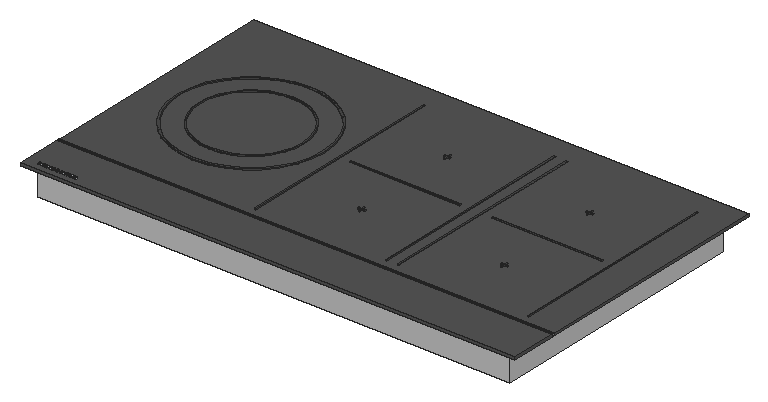
Revit family "FP_Revit_18_CI905DTB3_Cooktop_90000854A", category Specialty Equipment, Revit 2018
Family settings
  Round Connector Dimension = Use Diameter
  Part Type = Normal
  OmniClass Number = 23.40.40.14.17.11
  OmniClass Title = Cookers, Ovens, Stoves
  Work Plane-Based = No
  Always vertical = Yes
  Cut with Voids When Loaded = Yes
  Shared = No
  Room Calculation Point = No
Parameters
  Visibility - Clearance Required = yes
  URL = "www.fisherpaykel.com"
  Product - Width = 899 mm  # constant formula
  Product - Height = 54 mm  # constant formula
  Product - Depth = 530 mm  # constant formula
  Model = "CI905DTB3"
  Material - Trim = Fisher & Paykel - Steel, Chrome Plated
  Material - Graphics = Fisher & Paykel - Black, Matte
  Material - Cooktop = Fisher & Paykel - Glass, Black
  Material - Body = Fisher & Paykel - Grey
  Manufacturer = "Fisher & Paykel Appliances"
  FFL Offset [instance] = 900 mm
  Description = "90cm Induction Cooktop"
  Connector Note - Electrical = "220-240 V, 48 A, 50 Hz,"
  Clearance - Side Combustible = 25 mm  # constant formula
  Clearance - Rear Combustible = 30 mm  # constant formula
  Clearance - Overhead Rangehood = 650 mm  # constant formula
  Clearance - Below = 65 mm  # constant formula
  Chassis - Width = 858 mm  # constant formula
  Chassis - Height = 49 mm  # constant formula
  Chassis - Depth = 484 mm  # constant formula
  Cavity - Width = 870 mm  # constant formula
  Cavity - Height = 65 mm  # constant formula
  Cavity - Depth = 494 mm  # constant formula
Reference planes
  plane 1 "Datum": y = 0
  plane 2: z = 0
  plane 3 "Center (Left/Right)": x = 0
  plane 4 "Product LHS": x = -449.5
  plane 5 "Product RHS": x = 449.5
  plane 6 "Product - Depth": y = 530
  plane 7 "Cavity LHS": x = -435
  plane 8 "Cavity RHS": x = 435
  plane 9 "Cavity - Depth": y = 501.2
  plane 10 "Chassis Front": y = 13.2
  plane 11 "Chassis - Depth": y = 497.2
  plane 12 "Cavity - Front": y = 7.2
  plane 13 "Basepan": z = 851
  plane 14 "Benchtop": z = 900
  plane 15 "Glass": z = 905
Forms (mm)
  Extrusion 1, solid, material "Fisher & Paykel - Glass, Black" <- "Material - Cooktop"
    sketch origin (0, 0, 0) x (0, 1, 0) y (0, 0, 1)
      loop
        line (0, 905) -> (0, 901) -> (85, 901) -> (85, 905) -> (0, 905)
      loop
        line (530, 905) -> (88, 905) -> (88, 901) -> (530, 901) -> (530, 905)
    from -449.5 to 449.5
  Extrusion 2, solid, material "Fisher & Paykel - Clearance Required (Cutout)", visible <- "Visibility - Clearance Required", detail levels coarse
    sketch origin (0, 24.768, 0) x (1, 0, 0) y (0, 1, 0)
      loop
        line (-435, 476.432) -> (-435, -17.568) -> (435, -17.568) -> (435, 476.432) -> (-435, 476.432)
    from 835 to 900
  Extrusion 3, solid, material "Fisher & Paykel - Clearance Required (Rangehood)", detail levels coarse
    sketch origin (0, 0, 0) x (1, 0, 0) y (0, 1, 0)
      loop
        line (-460, 0) -> (460, 0) -> (460, 531.2) -> (-460, 531.2) -> (-460, 0)
    from 905 to 1555
  Extrusion 4, solid, material "Fisher & Paykel - Grey" <- "Material - Body"
    sketch origin (0, 0, 0) x (0, 1, 0) y (0, 0, 1)
      loop
        line (497.2, 851) -> (497.2, 900) -> (13.2, 900) -> (13.2, 851) -> (497.2, 851)
    from -429 to 429
  Extrusion 5, solid, material "Fisher & Paykel - Grey" <- "Material - Body"
    sketch origin (-151, 0, 0) x (1, 0, 0) y (0, 1, 0)
      loop
        line (-287, 520.2) -> (-287, 8.39) -> (589, 8.39) -> (589, 520.2) -> (-287, 520.2)
    from 900 to 901
  Extrusion 6, solid, material "Fisher & Paykel - Black, Matte" <- "Material - Graphics", detail levels fine
    sketch origin (0, 0, 0) x (1, 0, 0) y (0, 1, 0)
      loop
        line (-106.987, 487.735) -> (-106.987, 104.59) -> (-104.787, 104.59) -> (-104.787, 487.735) -> (-106.987, 487.735)
      loop
        line (-86.192, 296.263) -> (-86.192, 294.063) -> (113.808, 294.063) -> (113.808, 296.263) -> (-86.192, 296.263)
      loop
        line (172.974, 296.263) -> (172.974, 294.063) -> (372.474, 294.063) -> (372.474, 296.263) -> (172.974, 296.263)
      loop
        line (130.504, 487.735) -> (130.504, 104.59) -> (132.704, 104.59) -> (132.704, 487.735) -> (130.504, 487.735)
      loop
        line (152.18, 487.735) -> (152.18, 104.59) -> (154.379, 104.59) -> (154.379, 487.735) -> (152.18, 487.735)
      loop
        line (389.17, 487.735) -> (389.17, 104.59) -> (391.37, 104.59) -> (391.37, 487.735) -> (389.17, 487.735)
      loop
        circle (-265.54, 294.663) r 133.923
      loop
        circle (-265.54, 294.663) r 130.923
      loop
        circle (-265.54, 294.663) r 95
      loop
        circle (-265.54, 294.663) r 92.858
      loop
        line (11.782, 398.2) -> (11.782, 393.034) -> (6.616, 393.034) -> (6.616, 391.066) -> (11.782, 391.066) -> (11.782, 385.899) -> (13.75, 385.899) -> (13.75, 391.066) -> (18.916, 391.066) -> (18.916, 393.034) -> (13.75, 393.034) -> (13.75, 398.2) -> (11.782, 398.2)
      loop
        line (11.782, 204.31) -> (11.782, 199.144) -> (6.616, 199.144) -> (6.616, 197.176) -> (11.782, 197.176) -> (11.782, 192.009) -> (13.75, 192.009) -> (13.75, 197.176) -> (18.916, 197.176) -> (18.916, 199.144) -> (13.75, 199.144) -> (13.75, 204.31) -> (11.782, 204.31)
      loop
        line (270.877, 204.31) -> (270.877, 199.144) -> (265.711, 199.144) -> (265.711, 197.176) -> (270.877, 197.176) -> (270.877, 192.009) -> (272.845, 192.009) -> (272.845, 197.176) -> (278.011, 197.176) -> (278.011, 199.144) -> (272.845, 199.144) -> (272.845, 204.31) -> (270.877, 204.31)
      loop
        line (270.877, 398.2) -> (270.877, 393.034) -> (265.711, 393.034) -> (265.711, 391.066) -> (270.877, 391.066) -> (270.877, 385.899) -> (272.845, 385.899) -> (272.845, 391.066) -> (278.011, 391.066) -> (278.011, 393.034) -> (272.845, 393.034) -> (272.845, 398.2) -> (270.877, 398.2)
    from 905 to 906
  Extrusion 7, solid, material "Fisher & Paykel - Grey" <- "Material - Body", detail levels fine
    sketch origin (0, 0, 0) x (1, 0, 0) y (0, 1, 0)
      loop
        circle (0, 477.2) r 5
    from 845 to 851
  Extrusion 8, void
    sketch origin (0, 24.768, 0) x (1, 0, 0) y (0, 1, 0)
      loop
        line (-435, 476.432) -> (-435, -17.568) -> (435, -17.568) -> (435, 476.432) -> (-435, 476.432)
    from 835 to 900
  Extrusion 9, solid, material "Fisher & Paykel - Steel, Chrome Plated" <- "Material - Trim", detail levels medium+fine
    sketch origin (0, 0, 0) x (0, 1, 0) y (0, 0, 1)
      loop
        line (85, 901) -> (88, 901) -> (88, 906) -> (85, 906) -> (85, 901)
    from -449.5 to 449.5
Text (mm)
  text "Due to ongoing product development, product details are subject to change without notice. \nPlease always refer to www.fisherpaykel.com for the most current product information. \n© Fisher & Paykel 2020" at (41.04, -102.478, 0), in view "Ref. Level (Plan)"
Dimensions and locks
  equal spacing: plane 4 "Product LHS", plane 3 "Center (Left/Right)", plane 5 "Product RHS"
  "Product - Width": plane 4 "Product LHS" to plane 5 "Product RHS"
  equal spacing: plane 7 "Cavity LHS", plane 3 "Center (Left/Right)", plane 8 "Cavity RHS"
  "Cavity - Width": plane 7 "Cavity LHS" to plane 8 "Cavity RHS"
  "Product - Depth": Extrusion 1 to plane 1 "Datum"
  equal spacing: Extrusion 4, plane 3 "Center (Left/Right)", Extrusion 4
  "Chassis - Width": Extrusion 4 to Extrusion 4
  equal spacing: Extrusion 5, plane 3 "Center (Left/Right)", Extrusion 5
  locked: plane 1 "Datum" to plane 10 "Chassis Front" at 13.2
  plane 10 "Chassis Front" to plane 12 "Cavity - Front" = 6 mm
  "Cavity - Depth": plane 9 "Cavity - Depth" to plane 12 "Cavity - Front"
  "Chassis - Depth": plane 11 "Chassis - Depth" to plane 10 "Chassis Front"
  locked: plane 15 "Glass" to plane 14 "Benchtop" at 5
  "Chassis - Height": plane 14 "Benchtop" to plane 13 "Basepan"
  "FFL Offset": plane 14 "Benchtop" to level
  "Clearance - Below": plane 14 "Benchtop" to Extrusion 2
  locked: plane 15 "Glass" to Extrusion 1 sketch curve at 4
  locked: nested 1 to plane 15 "Glass" at 0.8
  locked: Extrusion 6 to plane 15 "Glass" at 1
  locked: Extrusion 7 to plane 14 "Benchtop" at 55
  "Clearance - Side Combustible": Extrusion 3 to plane 7 "Cavity LHS"
  "Clearance - Side Combustible": plane 8 "Cavity RHS" to Extrusion 3
  "Clearance - Rear Combustible": Extrusion 3 to plane 9 "Cavity - Depth"
  "Clearance - Overhead Rangehood": Extrusion 3 to plane 15 "Glass"
  locked: Extrusion 9 sketch curve to plane 15 "Glass" at 1
  aligned and locked: level to plane 2
  aligned and locked: Extrusion 1 to plane 5 "Product RHS"
  aligned and locked: plane 4 "Product LHS" to Extrusion 1
  aligned and locked: plane 9 "Cavity - Depth" to Extrusion 2
  aligned and locked: plane 11 "Chassis - Depth" to Extrusion 4
  aligned and locked: Extrusion 4 to Extrusion 5
  aligned and locked: Extrusion 7 to Extrusion 4
  aligned and locked: Extrusion 3 to plane 15 "Glass"
  aligned and locked: plane 14 "Benchtop" to Extrusion 2
  aligned and locked: Extrusion 1 sketch curve to plane 15 "Glass"
  aligned and locked: Extrusion 5 to Extrusion 2
  aligned and locked: Extrusion 4 to plane 13 "Basepan"
  aligned and locked: Extrusion 1 to Extrusion 6
  aligned and locked: Extrusion 8 to Extrusion 2  (x2)
  aligned and locked: Extrusion 3 to Extrusion 1
  aligned and locked: Extrusion 1 sketch curve to Extrusion 1 sketch curve
  aligned and locked: Extrusion 5 to Extrusion 1
Automatic sketch dimensions
  Extrusion 2 sketch curve to plane 12 "Cavity - Front" = 0 mm
  plane 9 "Cavity - Depth" to Extrusion 2 sketch curve = 0 mm
  plane 7 "Cavity LHS" to Extrusion 2 sketch curve = 0 mm
  Extrusion 2 sketch curve to plane 8 "Cavity RHS" = 0 mm
  plane 1 "Datum" to Extrusion 3 sketch curve = 0 mm
  plane 6 "Product - Depth" to Extrusion 3 sketch curve = 1.2 mm
  plane 4 "Product LHS" to Extrusion 3 sketch curve = 10.5 mm
  Extrusion 3 sketch curve to plane 5 "Product RHS" = 10.5 mm
  Extrusion 4 sketch curve to plane 10 "Chassis Front" = 0 mm
  Extrusion 4 sketch curve to plane 11 "Chassis - Depth" = 0 mm
  Extrusion 4 sketch curve to plane 13 "Basepan" = 0 mm
  Extrusion 4 sketch curve to plane 14 "Benchtop" = 0 mm
  plane 12 "Cavity - Front" to Extrusion 5 sketch curve = 1.189 mm
  plane 7 "Cavity LHS" to Extrusion 5 sketch curve = 3 mm
  Extrusion 5 sketch curve to plane 8 "Cavity RHS" = 3 mm
  Extrusion 5 sketch curve to plane 6 "Product - Depth" = 9.8 mm
  Extrusion 6 sketch curve to Extrusion 6 sketch curve = 0 mm  (x25)
  Extrusion 6 sketch curve to plane 7 "Cavity LHS" = 169.46 mm
  Extrusion 6 sketch curve to plane 3 "Center (Left/Right)" = 106.987 mm
  Extrusion 6 sketch curve to Extrusion 6 sketch curve = 2.2 mm  (x6)
  Extrusion 6 sketch curve to plane 3 "Center (Left/Right)" = 86.192 mm
  plane 3 "Center (Left/Right)" to Extrusion 6 sketch curve = 6.616 mm  (x2)
  Extrusion 6 sketch curve to Extrusion 6 sketch curve = 5.166 mm  (x16)
  Extrusion 6 sketch curve to Extrusion 6 sketch curve = 1.968 mm  (x12)
  plane 3 "Center (Left/Right)" to Extrusion 6 sketch curve = 113.808 mm
  Extrusion 6 sketch curve to plane 11 "Chassis - Depth" = 9.465 mm  (x4)
  plane 3 "Center (Left/Right)" to Extrusion 6 sketch curve = 130.504 mm
  Extrusion 6 sketch curve to Extrusion 6 sketch curve = 19.475 mm
  Extrusion 6 sketch curve to Extrusion 6 sketch curve = 59.166 mm
  Extrusion 6 sketch curve to Extrusion 6 sketch curve = 92.737 mm  (x2)
  plane 8 "Cavity RHS" to Extrusion 6 sketch curve = 62.526 mm
  plane 8 "Cavity RHS" to Extrusion 6 sketch curve = 45.83 mm
  Extrusion 6 sketch curve to plane 11 "Chassis - Depth" = 99 mm  (x2)
  Extrusion 6 sketch curve to Extrusion 6 sketch curve = 94.803 mm  (x2)
  Extrusion 6 sketch curve to Extrusion 6 sketch curve = 1.6 mm
  Extrusion 6 sketch curve to Extrusion 6 sketch curve = 89.753 mm  (x2)
  plane 10 "Chassis Front" to Extrusion 6 sketch curve = 91.39 mm  (x3)
  Extrusion 7 sketch curve to plane 3 "Center (Left/Right)" = 0 mm
  Extrusion 7 sketch curve to plane 11 "Chassis - Depth" = 20 mm
  Extrusion 8 sketch curve to plane 12 "Cavity - Front" = 0 mm
  plane 9 "Cavity - Depth" to Extrusion 8 sketch curve = 0 mm
  plane 7 "Cavity LHS" to Extrusion 8 sketch curve = 0 mm
  Extrusion 8 sketch curve to plane 8 "Cavity RHS" = 0 mm
  plane 10 "Chassis Front" to Extrusion 9 sketch curve = 71.8 mm
  Extrusion 9 sketch curve to Extrusion 9 sketch curve = 3 mm
  plane 14 "Benchtop" to Extrusion 9 sketch curve = 1 mm
  Extrusion 1 sketch curve to plane 1 "Datum" = 0 mm
  Extrusion 1 sketch curve to plane 15 "Glass" = 0 mm
  Extrusion 1 sketch curve to plane 6 "Product - Depth" = 0 mm
  plane 10 "Chassis Front" to Extrusion 1 sketch curve = 71.8 mm
  Extrusion 1 sketch curve to Extrusion 1 sketch curve = 3 mm
  radius of Extrusion 6 sketch curve = 133.923 mm
  radius of Extrusion 6 sketch curve = 130.923 mm
  radius of Extrusion 6 sketch curve = 95 mm
  radius of Extrusion 6 sketch curve = 92.858 mm
  radius of Extrusion 7 sketch curve = 5 mm
Nested families
  nested 1: "F&P Logo 70mm Horizontal" at (-394.001, 14.253, 905), type "F&P Logo 70mm Horizontal"
Connectors
  electrical at (0, 477.2, 845), driven by "Connector Note - Electrical"
    settings: on Extrusion 7, index 1, voltage 230 V, apparent load 0 VA, apparent load phase1 0 VA, apparent load phase2 0 VA, apparent load phase3 0 VA, power factor 1, load classification "Other", number of poles 1, system type 30, power factor state 1, is connector primary yes, connector utility no, sub classification motor no, connector description "220-240 V, 48 A, 50 Hz,"
Definition of nested family "F&P Logo 70mm Horizontal"
  Parameters (values of type "F&P Logo 70mm Horizontal")
    URL = "www.fisherpaykel.com"
    Material - Logo = none
    Manufacturer = "Fisher & Paykel Appliances"
  Reference planes
    plane 1 "Center (Front/Back)": y = 0
    plane 2: z = 0
    plane 3 "Center (Left/Right)": x = 0
  Forms (mm)
    Extrusion 1, solid, material <- "Material - Logo", detail levels fine
      sketch origin (0, 0, 0) x (1, 0, 0) y (0, 1, 0)
        loop
          line (-34.997, -0.356) -> (-33.895, -0.356) -> (-33.895, 1.141) -> (-32.174, 1.141) -> (-32.174, 2.075) -> (-33.895, 2.075) -> (-33.895, 2.943) -> (-32.023, 2.943) -> (-32.023, 3.872) -> (-34.997, 3.872) -> (-34.997, -0.356)
        loop
          line (-29.929, 3.872) -> (-29.929, -0.356) -> (-28.828, -0.356) -> (-28.828, 3.872) -> (-29.929, 3.872)
        loop
          line (-21.473, 3.872) -> (-21.473, -0.356) -> (-20.372, -0.356) -> (-20.372, 1.338) -> (-18.754, 1.338) -> (-18.754, -0.356) -> (-17.652, -0.356) -> (-17.652, 3.872) -> (-18.754, 3.872) -> (-18.754, 2.268) -> (-20.372, 2.268) -> (-20.372, 3.872) -> (-21.473, 3.872)
        loop
          line (-15.301, 3.872) -> (-15.301, -0.356) -> (-12.288, -0.356) -> (-12.288, 0.444) -> (-14.209, 0.444) -> (-14.209, 1.338) -> (-12.453, 1.338) -> (-12.453, 2.268) -> (-14.209, 2.268) -> (-14.209, 3.072) -> (-12.288, 3.072) -> (-12.288, 3.872) -> (-15.301, 3.872)
        loop
          line (32, 3.872) -> (32, -0.356) -> (35.003, -0.356) -> (35.003, 0.574) -> (33.102, 0.574) -> (33.102, 3.872) -> (32, 3.872)
        loop
          line (29.735, 3.872) -> (26.712, 3.872) -> (26.712, -0.356) -> (29.735, -0.356) -> (29.735, 0.444) -> (27.814, 0.444) -> (27.814, 1.338) -> (29.57, 1.338) -> (29.57, 2.268) -> (27.814, 2.268) -> (27.814, 3.072) -> (29.735, 3.072) -> (29.735, 3.872)
        loop
          line (23.449, 1.848) -> (25.012, 3.872) -> (23.724, 3.872) -> (22.374, 2.124) -> (22.374, 3.872) -> (21.273, 3.872) -> (21.273, -0.356) -> (22.374, -0.356) -> (22.374, 1.538) -> (23.765, -0.356) -> (25.067, -0.356) -> (23.449, 1.848)
        loop
          line (15.42, 3.872) -> (17.017, 1.338) -> (17.017, -0.356) -> (18.119, -0.356) -> (18.119, 1.283) -> (19.717, 3.872) -> (18.546, 3.872) -> (17.603, 2.239) -> (16.66, 3.872) -> (15.42, 3.872)
        loop
          line (12.969, 3.872) -> (11.922, 3.872) -> (10.2, -0.356) -> (11.282, -0.356) -> (11.585, 0.422) -> (13.278, 0.422) -> (13.581, -0.356) -> (14.69, -0.356) -> (12.969, 3.872)
        loop
          line (12.913, 1.352) -> (12.419, 2.566) -> (11.946, 1.352) -> (12.913, 1.352)
        loop
          line (5.556, 3.872) -> (5.556, -0.356) -> (6.653, -0.356) -> (6.653, 1.001) -> (7.453, 1.001)
          spline (7.453, 1.001) -> (7.884, 1.05) -> (8.285, 1.193) -> (8.63, 1.421) -> (8.895, 1.719) -> (9.061, 2.065) -> (9.118, 2.436) -> (9.061, 2.808) -> (8.895, 3.154) -> (8.63, 3.452) -> (8.285, 3.68) -> (7.884, 3.823) -> (7.453, 3.872)
          line (7.453, 3.872) -> (5.556, 3.872)
        loop
          spline (7.385, 1.882) -> (7.558, 1.9) -> (7.72, 1.953) -> (7.858, 2.037) -> (7.965, 2.147) -> (8.032, 2.275) -> (8.055, 2.412) -> (8.032, 2.55) -> (7.965, 2.677) -> (7.858, 2.787) -> (7.72, 2.872) -> (7.558, 2.924) -> (7.385, 2.943)
          line (7.385, 2.943) -> (6.585, 2.943) -> (6.585, 1.882) -> (7.385, 1.882)
        loop
          line (-8.294, 2.943) -> (-9.094, 2.943) -> (-9.094, 1.781) -> (-8.294, 1.781)
          spline (-8.294, 1.781) -> (-8.121, 1.801) -> (-7.96, 1.859) -> (-7.822, 1.951) -> (-7.716, 2.072) -> (-7.649, 2.212) -> (-7.626, 2.362) -> (-7.649, 2.512) -> (-7.716, 2.652) -> (-7.822, 2.772) -> (-7.96, 2.865) -> (-8.121, 2.923) -> (-8.294, 2.943)
        loop
          line (-8.214, 3.872) -> (-10.262, 3.872) -> (-10.262, -0.356) -> (-9.094, -0.356) -> (-9.094, 0.492) -> (-8.294, 0.492) -> (-7.647, -0.356) -> (-6.373, -0.356) -> (-7.445, 1.016)
          spline (-7.445, 1.016) -> (-7.148, 1.205) -> (-6.902, 1.45) -> (-6.72, 1.739) -> (-6.611, 2.058) -> (-6.58, 2.391) -> (-6.628, 2.723) -> (-6.754, 3.037) -> (-6.95, 3.317) -> (-7.208, 3.551) -> (-7.515, 3.726) -> (-7.856, 3.835) -> (-8.214, 3.872)
        loop
          line (0.368, 2.943) -> (0.368, 3.951) -> (-2.559, 3.951) -> (-2.559, 3.151) -> (-2.048, 2.522)
          spline (-2.048, 2.522) -> (-2.373, 2.187) -> (-2.606, 1.789) -> (-2.731, 1.355) -> (-2.74, 0.914) -> (-2.632, 0.497) -> (-2.414, 0.133) -> (-2.102, -0.155) -> (-1.716, -0.347) -> (-1.283, -0.429) -> (-0.832, -0.395) -> (-0.395, -0.249) -> (0, 0)
          line (0, 0) -> (0.504, -0.621) -> (1.644, -0.621) -> (0.602, 0.712) -> (1.591, 2.137) -> (0.459, 2.137) -> (0.003, 1.48) -> (-1.14, 2.943) -> (0.368, 2.943)
        loop
          spline (-1.353, 1.874) -> (-1.563, 1.673) -> (-1.729, 1.449) -> (-1.839, 1.217) -> (-1.886, 0.992) -> (-1.867, 0.792) -> (-1.783, 0.627) -> (-1.639, 0.511) -> (-1.447, 0.451) -> (-1.218, 0.451) -> (-0.968, 0.512) -> (-0.714, 0.628) -> (-0.475, 0.792)
          line (-0.475, 0.792) -> (-1.353, 1.874)
        loop
          arc (-25.449, 3.004) -> (-24.591, 2.949) -> (-23.808, 2.592) r 2.379
          line (-23.808, 2.592) -> (-23.808, 3.586)
          arc (-23.808, 3.586) -> (-24.619, 3.915) -> (-25.494, 3.936) r 2.437
          arc (-25.494, 3.936) -> (-26.617, 2.99) -> (-26.18, 1.588) r 1.327
          arc (-26.18, 1.588) -> (-25.746, 1.367) -> (-25.276, 1.236) r 2.46
          spline (-25.276, 1.236) -> (-25.124, 1.211) -> (-24.98, 1.158) -> (-24.856, 1.083) -> (-24.761, 0.989) -> (-24.703, 0.886) -> (-24.686, 0.78) -> (-24.713, 0.681) -> (-24.78, 0.596) -> (-24.882, 0.532) -> (-25.011, 0.494) -> (-25.158, 0.485) -> (-25.311, 0.505)
          arc (-25.311, 0.505) -> (-26.045, 0.647) -> (-26.714, 0.98) r 2.761
          line (-26.714, 0.98) -> (-26.714, -0.067)
          arc (-26.714, -0.067) -> (-25.66, -0.377) -> (-24.564, -0.318) r 3.237
          arc (-24.564, -0.318) -> (-23.597, 0.72) -> (-24.205, 2.002) r 1.263
          arc (-24.205, 2.002) -> (-24.834, 2.249) -> (-25.488, 2.42) r 5.78
          spline (-25.488, 2.42) -> (-25.537, 2.449) -> (-25.58, 2.49) -> (-25.615, 2.541) -> (-25.639, 2.6) -> (-25.653, 2.664) -> (-25.654, 2.73) -> (-25.644, 2.795) -> (-25.622, 2.856) -> (-25.59, 2.909) -> (-25.549, 2.953) -> (-25.502, 2.985) -> (-25.449, 3.004)
      from 0 to 0.8
  Dimensions and locks
    Extrusion 1 sketch curve to Extrusion 1 sketch curve = 70 mm
    aligned and locked: level to plane 2
